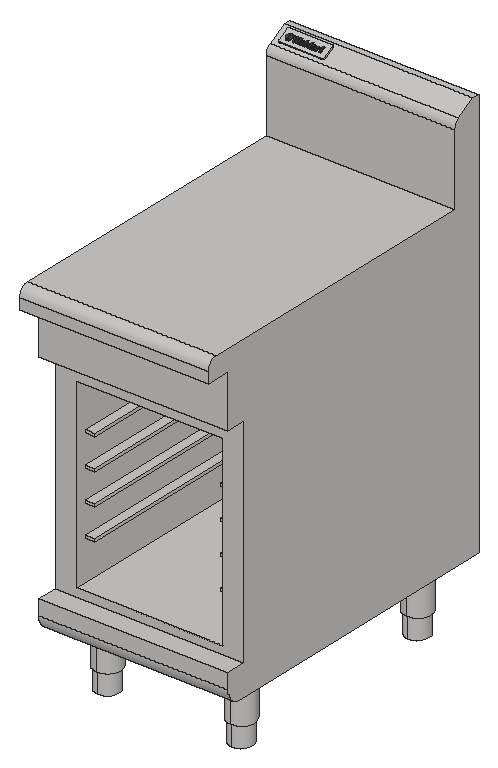
Revit family "QF_MOFFAT WALDORF_BT8450-CB", category Specialty Equipment, Revit 2012
Parameters
  Weight in Pounds = 114.6402  # constant formula
  Width [instance] = 450.00 mm  # constant formula
  URL Cutsheet = "www.moffat.com"
  URL = "www.moffat.com"
  Type Mark [instance] = ""
  Status [instance] = ""
  Specification by User [instance] = ""
  Specification by Manufacturer = ""
  Show Logo [instance] = yes
  Show Casters [instance] = no
  Serial Number = ""
  Seismic Rating = ""
  SMACNA No = ""
  Revision Code [instance] = ""
  Omniclass Number and Title = ""
  NAFEM Spec ID Number = ""
  Model = "BT8450-CB"
  Masterspec = ""
  Manufacturer = "MOFFAT WALDORF"
  Legs [instance] = not(Show Casters)  # yes
  Item Number [instance] = ""
  Installed By [instance] = ""
  Identify Quantity as Lot [instance] = yes
  Height = 1130.00 mm  # constant formula
  Furnished By [instance] = ""
  Foodservice Equipment Identifier [instance] = yes
  Description = "BENCH TOP ON CABINET BASE"
  Depth [instance] = 805.00 mm  # constant formula
  CSI MasterFormat = ""
  CSI Master Format = ""
  Back Splash [instance] = 57.00 mm  # constant formula
Reference planes
  plane 1 "BACK": y = 0
  plane 2: z = 0
  plane 3 "LEFT": x = 0
  plane 4 "RIGHT": x = 450
  plane 5 "FRONT": y = -805
  plane 6 "TOP": z = 1130
  plane 7 "Center Y": x = 225
  plane 8 "Center X": y = -402.5
  plane 9 "Base Height": z = 150
  plane 10: z = 915
  plane 11: x = 65
  plane 12: x = 384
  plane 13: y = -625
  plane 14: y = -100
Forms (mm)
  Extrusion 1, solid, material "QF_Finishes_Stainless Steel"
    sketch origin (0, 0, 0) x (0, 1, 0) y (0, 0, 1)
      loop
        line (-144, 222.5) -> (-749, 222.5) -> (-749, 188)
        arc (-749, 188) -> (-737.87, 161.13) -> (-711, 150) r 38
        line (-711, 150) -> (0, 150) -> (0, 1130) -> (-16.5, 1130) -> (-58, 1106.04)
        arc (-58, 1106.04) -> (-66.785, 1097.255) -> (-70, 1085.255) r 24
        line (-70, 1085.255) -> (-70, 915) -> (-781, 915)
        arc (-781, 915) -> (-797.971, 907.971) -> (-805, 891) r 24
        line (-805, 891) -> (-805, 866) -> (-749, 866) -> (-749, 740) -> (-144, 740) -> (-144, 222.5)
    from 0 to 450
  Revolve 2, solid, material "QF_Finishes_Stainless Steel", visible <- "Legs"
    sketch origin (65, -165, 0) x (0, 1, 0) y (0, 0, 1)
      loop
        line (33.25, 150) -> (33.25, 50) -> (37.5, 50) -> (37.5, 0) -> (65, 0) -> (65, 150) -> (33.25, 150)
      axis (65, 150) -> (65, 0)
    angle from 0 to 360
  Revolve 3, solid, material "QF_Finishes_Stainless Steel"
    sketch origin (65, -735, 0) x (0, 1, 0) y (0, 0, 1)
      loop
        line (78.25, 150) -> (78.25, 50) -> (82.5, 50) -> (82.5, 0) -> (110, 0) -> (110, 150) -> (78.25, 150)
      axis (110, 150) -> (110, 0)
    angle from 0 to 360
  Revolve 4, solid, material "QF_Finishes_Stainless Steel", visible <- "Legs"
    sketch origin (384, -165, 0) x (0, 1, 0) y (0, 0, -1)
      loop
        line (33.25, -150) -> (65, -150) -> (65, 0) -> (37.5, 0) -> (37.5, -50) -> (33.25, -50) -> (33.25, -150)
      axis (65, -150) -> (65, 0)
    angle from 0 to 360
  Revolve 5, solid, material "QF_Finishes_Stainless Steel"
    sketch origin (384, -735, 0) x (0, 1, 0) y (0, 0, -1)
      loop
        line (78.25, -150) -> (110, -150) -> (110, 0) -> (82.5, 0) -> (82.5, -50) -> (78.25, -50) -> (78.25, -150)
      axis (110, -150) -> (110, 0)
    angle from 0 to 360
  Extrusion 6, solid, material "QF_Finishes_Stainless Steel"
    sketch origin (0, -70, 1085.255) x (0, 0, -1) y (1, 0, 0)
      loop
        line (400.255, 400) -> (400.255, 50) -> (842.755, 50) -> (842.755, 400) -> (400.255, 400)
      loop
        line (345.255, 0) -> (862.755, 0) -> (862.755, 450) -> (345.255, 450) -> (345.255, 0)
    from 0 to 629
  Extrusion 7, solid, material "QF_Finishes_Stainless Steel"
    sketch origin (0, -70, 1085.255) x (0, 0, -1) y (1, 0, 0)
      loop
        line (596.505, 400) -> (590.155, 400) -> (590.155, 375) -> (596.505, 375) -> (596.505, 400)
      loop
        line (671.505, 400) -> (665.155, 400) -> (665.155, 375) -> (671.505, 375) -> (671.505, 400)
      loop
        line (671.505, 50) -> (671.505, 75) -> (665.155, 75) -> (665.155, 50) -> (671.505, 50)
      loop
        line (590.155, 75) -> (590.155, 50) -> (596.505, 50) -> (596.505, 75) -> (590.155, 75)
      loop
        line (746.505, 400) -> (740.155, 400) -> (740.155, 375) -> (746.505, 375) -> (746.505, 400)
      loop
        line (746.505, 50) -> (746.505, 75) -> (740.155, 75) -> (740.155, 50) -> (746.505, 50)
      loop
        line (521.505, 400) -> (515.155, 400) -> (515.155, 375) -> (521.505, 375) -> (521.505, 400)
      loop
        line (515.155, 75) -> (515.155, 50) -> (521.505, 50) -> (521.505, 75) -> (515.155, 75)
    from 74 to 604
  Extrusion 8, void
    sketch origin (0, 0, 223) x (1, 0, 0) y (0, 1, 0)
      loop
        line (374, -87) -> (374, 0) -> (244, 0) -> (244, -39) -> (294, -87) -> (374, -87)
    from 0 to 476
Cuts and joins
  Extrusion 8 cuts Extrusion 1
  Extrusion 8 cuts Extrusion 6
  joined: Extrusion 1, Extrusion 6
  Extrusion 8 cuts Revolve 4
Lines and regions (mm)
  symbolic lines
    curve 1: line (0, 0, 0) -> (0, -805, 0)
    curve 2: line (450, 0, 0) -> (0, 0, 0)
    curve 3: line (450, -805, 0) -> (450, 0, 0)
    curve 4: line (0, -70, 0) -> (450, -70, 0)
    curve 5: line (0, -805, 0) -> (450, -805, 0)
    curve 6: line (12.5, -20.958, 0) -> (121.5, -20.958, 0)
    curve 7: line (12.5, -51.234, 0) -> (12.5, -20.958, 0)
    curve 8: line (121.5, -20.958, 0) -> (121.5, -51.234, 0)
    curve 9: line (12.5, -51.234, 0) -> (121.5, -51.234, 0)
Dimensions and locks
  equal spacing: plane 3 "LEFT", plane 7 "Center Y", plane 4 "RIGHT"
  "Width": plane 3 "LEFT" to plane 4 "RIGHT"
  equal spacing: plane 5 "FRONT", plane 8 "Center X", plane 1 "BACK"
  "Depth": plane 5 "FRONT" to plane 1 "BACK"
  locked: plane 10 to level at 915
  locked: plane 9 "Base Height" to level at 150
  plane 6 "TOP" to nested 1 to nested 1 to plane 10 = 1.099 mm locked, 17.226 mm locked, 196.675 mm
  plane 13 to plane 14 = 525.00 mm
  plane 12 to plane 11 = 319.00 mm
  "Height": plane 6 "TOP" to level
  aligned and locked: level to plane 2
Automatic sketch dimensions
  Revolve 2 sketch curve to plane 9 "Base Height" = 0.00 mm
  Revolve 2 sketch curve to level = 0.00 mm
  level to Revolve 2 sketch curve = 50.00 mm
  plane 1 "BACK" to Revolve 2 sketch curve = 131.75 mm
  Revolve 2 sketch curve to Revolve 2 sketch curve = 4.25 mm
  Revolve 2 sketch curve to Revolve 2 sketch curve = 27.50 mm  (x2)
  Revolve 2 sketch curve to level = 55.00 mm
  Revolve 2 sketch curve to Revolve 2 sketch curve = 0.00 mm
  Revolve 3 sketch curve to plane 9 "Base Height" = 0.00 mm
  Revolve 3 sketch curve to level = 0.00 mm
  level to Revolve 3 sketch curve = 50.00 mm
  Revolve 3 sketch curve to plane 5 "FRONT" = 148.25 mm
  Revolve 3 sketch curve to Revolve 3 sketch curve = 4.25 mm
  Revolve 3 sketch curve to Revolve 3 sketch curve = 27.50 mm  (x2)
  Revolve 3 sketch curve to level = 55.00 mm
  Revolve 3 sketch curve to Revolve 3 sketch curve = 0.00 mm
  Revolve 4 sketch curve to plane 9 "Base Height" = 0.00 mm
  Revolve 4 sketch curve to level = 0.00 mm
  level to Revolve 4 sketch curve = 50.00 mm
  plane 1 "BACK" to Revolve 4 sketch curve = 131.75 mm
  Revolve 4 sketch curve to Revolve 4 sketch curve = 4.25 mm
  Revolve 4 sketch curve to Revolve 4 sketch curve = 27.50 mm  (x2)
  Revolve 4 sketch curve to Revolve 4 sketch curve = 0.00 mm
  Revolve 4 sketch curve to Revolve 4 sketch curve = 55.00 mm
  Revolve 5 sketch curve to plane 9 "Base Height" = 0.00 mm
  Revolve 5 sketch curve to level = 0.00 mm
  level to Revolve 5 sketch curve = 50.00 mm
  Revolve 5 sketch curve to plane 5 "FRONT" = 148.25 mm
  Revolve 5 sketch curve to Revolve 5 sketch curve = 4.25 mm
  Revolve 5 sketch curve to Revolve 5 sketch curve = 27.50 mm  (x2)
  Revolve 5 sketch curve to Revolve 5 sketch curve = 0.00 mm
  Revolve 5 sketch curve to Revolve 5 sketch curve = 55.00 mm
  Extrusion 1 sketch curve to plane 5 "FRONT" = 0.00 mm
  Extrusion 1 sketch curve to plane 10 = 0.00 mm
  Extrusion 1 sketch curve to plane 9 "Base Height" = 0.00 mm
  Extrusion 1 sketch curve to plane 6 "TOP" = 0.00 mm
  Extrusion 1 sketch curve to plane 1 "BACK" = 0.00 mm
  Extrusion 1 sketch curve to plane 5 "FRONT" = 24.00 mm
  Extrusion 1 sketch curve to plane 5 "FRONT" = 56.00 mm
  Extrusion 1 sketch curve to Extrusion 1 sketch curve = 32.00 mm
  Extrusion 1 sketch curve to Extrusion 1 sketch curve = 38.00 mm
  Extrusion 1 sketch curve to Extrusion 1 sketch curve = 12.00 mm  (x2)
  Extrusion 1 sketch curve to Extrusion 1 sketch curve = 16.50 mm
  Extrusion 1 sketch curve to Extrusion 1 sketch curve = 34.50 mm
  Extrusion 1 sketch curve to Extrusion 1 sketch curve = 151.00 mm
  Extrusion 1 sketch curve to Extrusion 1 sketch curve = 25.00 mm
  Extrusion 1 sketch curve to plane 6 "TOP" = 44.745 mm
  plane 14 to Extrusion 1 sketch curve = 30.00 mm
  Extrusion 7 sketch curve to plane 11 = 15.00 mm  (x4)
  Extrusion 7 sketch curve to plane 10 = 344.90 mm
  Extrusion 7 sketch curve to plane 12 = 16.00 mm  (x4)
  Extrusion 7 sketch curve to Extrusion 7 sketch curve = 0.00 mm
  Extrusion 7 sketch curve to Extrusion 7 sketch curve = 6.35 mm  (x8)
  plane 11 to Extrusion 7 sketch curve = 10.00 mm  (x4)
  Extrusion 7 sketch curve to Extrusion 7 sketch curve = 68.65 mm  (x6)
  plane 12 to Extrusion 7 sketch curve = 9.00 mm  (x4)
  plane 1 "BACK" to curve 1 = 0.00 mm
  curve 1 to plane 3 "LEFT" = 0.00 mm
  curve 3 to plane 4 "RIGHT" = 0.00 mm
  plane 5 "FRONT" to curve 5 = 0.00 mm
  plane 3 "LEFT" to curve 6 = 12.50 mm
  plane 11 to curve 9 = 56.50 mm
  plane 14 to curve 4 = 30.00 mm
  curve 4 to curve 7 = 18.766 mm
  plane 1 "BACK" to curve 6 = 20.958 mm
  plane 1 "BACK" to Extrusion 8 sketch curve = 0.00 mm
  plane 14 to Extrusion 8 sketch curve = 13.00 mm
  Extrusion 8 sketch curve to Extrusion 8 sketch curve = 50.00 mm
  plane 12 to Extrusion 8 sketch curve = 10.00 mm
  Extrusion 8 sketch curve to Extrusion 8 sketch curve = 39.00 mm
  plane 7 "Center Y" to Extrusion 8 sketch curve = 19.00 mm
  Extrusion 1 sketch curve to plane 14 = 44.00 mm
  plane 4 "RIGHT" to Extrusion 6 sketch curve = 0.00 mm
  Extrusion 6 sketch curve to plane 3 "LEFT" = 0.00 mm
  Extrusion 6 sketch curve to plane 10 = 175.00 mm
  Extrusion 6 sketch curve to plane 11 = 15.00 mm
  Extrusion 6 sketch curve to Extrusion 6 sketch curve = 55.00 mm
  plane 9 "Base Height" to Extrusion 6 sketch curve = 92.50 mm
  Extrusion 6 sketch curve to Extrusion 6 sketch curve = 20.00 mm
  Extrusion 6 sketch curve to plane 12 = 16.00 mm
Nested families
  nested 1: "WALDORF-LOGO" at (12.5, -35.273, 1102.604), visible <- "Show Logo", type "WALDORF-LOGO", detail levels medium+fine
    with Type Mark "", Status "", Specification by User "", Revision Code "", Item Number "", Installed By "", Identify Quantity as Lot yes, Furnished By "", Foodservice Equipment Identifier yes
  nested 2: "BT8450-CB-CASTERS" at (65, -100, 0), Show Casters <- "Show Casters", visible <- "Show Casters", type "BT8450-CB-CASTERS"
    with Type Mark "", Status "", Specification by User "", Show Casters no, Revision Code "", Item Number "", Installed By "", Identify Quantity as Lot yes, Furnished By "", Foodservice Equipment Identifier yes
  nested 3: "BT8450-CB-CASTERS" at (385, -100, 0), Show Casters <- "Show Casters", visible <- "Show Casters", type "BT8450-CB-CASTERS"
    with Type Mark "", Status "", Specification by User "", Show Casters no, Revision Code "", Item Number "", Installed By "", Identify Quantity as Lot yes, Furnished By "", Foodservice Equipment Identifier yes
Definition of nested family "WALDORF-LOGO"
  Parameters (values of type "BT8300-CB-LOGO")
    Weight in Pounds = 0
    URL Cutsheet = ""
    Type Mark [instance] = ""
    Status [instance] = ""
    Specification by User [instance] = ""
    Specification by Manufacturer = ""
    Show Logo [instance] = yes
    Serial Number = ""
    Seismic Rating = ""
    SMACNA No = ""
    Revision Code [instance] = ""
    Omniclass Number and Title = ""
    NAFEM Spec ID Number = ""
    Masterspec = ""
    Item Number [instance] = ""
    Installed By [instance] = ""
    Identify Quantity as Lot [instance] = yes
    Furnished By [instance] = ""
    Foodservice Equipment Identifier [instance] = yes
    CSI MasterFormat = ""
    CSI Master Format = ""
  Reference planes
    plane 1 "BACK": y = 0
    plane 2: z = 0
    plane 3 "LEFT": x = 0
    plane 4 "RIGHT": x = 109
    plane 5 "FRONT": y = -1.588
    plane 6 "TOP": z = 34.14
    plane 7 "Center Y": x = 54.5
    plane 8 "Center X": y = -0.794
  Forms (mm)
    Extrusion 1, solid, material "QF_Finishes_Stainless Steel", visible <- "Show Logo"
      sketch origin (0, -15.16, 7.701) x (1, 0, 0) y (0, 0.863373, 0.504566)
        loop
          arc (5, 34.14) -> (1.464, 32.676) -> (0, 29.14) r 5
          line (0, 29.14) -> (0, 5)
          arc (0, 5) -> (1.464, 1.464) -> (5, 0) r 5
          line (5, 0) -> (104, 0)
          arc (104, 0) -> (107.536, 1.464) -> (109, 5) r 5
          line (109, 5) -> (109, 29.14)
          arc (109, 29.14) -> (107.536, 32.676) -> (104, 34.14) r 5
          line (104, 34.14) -> (5, 34.14)
      from 0 to 1.588
    Extrusion 2, solid, material "QF_Finishes_Black", visible <- "Show Logo"
      sketch origin (0, -15.961, 9.072) x (1, 0, 0) y (0, 0.863373, 0.504566)
        loop
          line (24.772, 23.214) -> (27.992, 10.301) -> (31.551, 10.301) -> (33.443, 17.364) -> (35.205, 10.301) -> (39.332, 10.301) -> (42.077, 23.214) -> (38.352, 23.214) -> (36.676, 15.33) -> (35, 23.214) -> (31.752, 23.214) -> (30.076, 15.33) -> (28.4, 23.214) -> (24.772, 23.214)
        loop
          line (42.272, 17.055) -> (45.703, 17.055)
          spline (45.703, 17.055) -> (45.741, 17.285) -> (45.852, 17.499) -> (46.028, 17.682) -> (46.258, 17.823) -> (46.526, 17.912) -> (46.813, 17.942) -> (47.1, 17.912) -> (47.368, 17.823) -> (47.597, 17.682) -> (47.774, 17.499) -> (47.884, 17.285) -> (47.922, 17.055)
          line (47.922, 17.055) -> (47.922, 16.222)
          arc (47.922, 16.222) -> (45.742, 16.014) -> (43.665, 15.317) r 9.604
          arc (43.665, 15.317) -> (41.924, 12.809) -> (43.665, 10.301) r 2.677
          arc (43.665, 10.301) -> (45.527, 10.353) -> (47.332, 10.816) r 8.365
          line (47.332, 10.816) -> (48.092, 11.105) -> (48.092, 10.301) -> (51.817, 10.301) -> (51.817, 17.055)
          spline (51.817, 17.055) -> (51.654, 17.821) -> (51.178, 18.535) -> (50.419, 19.148) -> (49.431, 19.619) -> (48.28, 19.914) -> (47.044, 20.015) -> (45.809, 19.914) -> (44.658, 19.619) -> (43.67, 19.148) -> (42.911, 18.535) -> (42.434, 17.821) -> (42.272, 17.055)
        loop
          line (53.151, 23.214) -> (53.151, 10.301) -> (57.37, 10.301) -> (57.37, 23.214) -> (53.151, 23.214)
        loop
          line (64.874, 23.214) -> (64.874, 18.857)
          arc (64.874, 18.857) -> (58.083, 15.11) -> (64.874, 11.363) r 4.429
          line (64.874, 11.363) -> (64.874, 10.301) -> (68.378, 10.301) -> (68.378, 23.214) -> (64.874, 23.214)
        loop
          arc (64.874, 16.083) -> (61.41, 14.987) -> (64.874, 13.891) r 1.905
          line (64.874, 13.891) -> (64.874, 16.083)
        loop
          circle (74.623, 15.223) r 5
        loop
          spline (74.623, 17.856) -> (74.355, 17.766) -> (74.105, 17.503) -> (73.891, 17.084) -> (73.726, 16.539) -> (73.623, 15.904) -> (73.588, 15.223) -> (73.623, 14.541) -> (73.726, 13.906) -> (73.891, 13.361) -> (74.105, 12.942) -> (74.355, 12.679) -> (74.623, 12.59)
          spline (74.623, 12.59) -> (74.891, 12.679) -> (75.141, 12.942) -> (75.355, 13.361) -> (75.52, 13.906) -> (75.623, 14.541) -> (75.659, 15.223) -> (75.623, 15.904) -> (75.52, 16.539) -> (75.355, 17.084) -> (75.141, 17.503) -> (74.891, 17.766) -> (74.623, 17.856)
        loop
          line (81.255, 19.813) -> (81.255, 10.301) -> (84.834, 10.301) -> (84.834, 14.176)
          arc (84.834, 14.176) -> (85.854, 16.093) -> (88.013, 16.32) r 2.313
          line (88.013, 16.32) -> (88.013, 19.813) -> (87.161, 19.813)
          arc (87.161, 19.813) -> (85.526, 19.266) -> (84.549, 17.844) r 2.717
          line (84.549, 17.844) -> (84.549, 19.813) -> (81.255, 19.813)
        loop
          line (90.249, 19.813) -> (88.91, 19.813) -> (88.91, 17.614) -> (90.249, 17.614) -> (90.249, 10.301) -> (93.998, 10.301) -> (93.998, 17.614) -> (95.418, 17.614) -> (95.418, 19.813) -> (93.998, 19.813)
          arc (93.998, 19.813) -> (94.414, 20.817) -> (95.418, 21.233) r 1.42
          line (95.418, 21.233) -> (95.418, 23.602) -> (93.317, 23.602)
          arc (93.317, 23.602) -> (91.343, 22.903) -> (90.249, 21.118) r 3.137
          line (90.249, 21.118) -> (90.249, 19.813)
        loop
          arc (15.241, 23.571) -> (8.392, 16.525) -> (15.241, 9.479) r 7.049
          line (15.241, 9.479) -> (15.241, 23.571)
        loop
          line (15.641, 23.571) -> (15.641, 9.479)
          arc (15.641, 9.479) -> (22.49, 16.525) -> (15.641, 23.571) r 7.049
        loop
          arc (47.922, 14.711) -> (46.266, 13.749) -> (47.922, 12.787) r 1.107
          line (47.922, 12.787) -> (47.922, 14.711)
      from 0 to 0.2
  Dimensions and locks
    equal spacing: plane 3 "LEFT", plane 7 "Center Y", plane 4 "RIGHT"
    plane 3 "LEFT" to plane 4 "RIGHT" = 109.00 mm
    equal spacing: plane 5 "FRONT", plane 8 "Center X", plane 1 "BACK"
    plane 5 "FRONT" to plane 1 "BACK" = 1.588 mm
    aligned and locked: level to plane 2
  Automatic sketch dimensions
    Extrusion 1 sketch curve to plane 3 "LEFT" = 0.00 mm
    Extrusion 1 sketch curve to plane 4 "RIGHT" = 0.00 mm
    plane 3 "LEFT" to Extrusion 1 sketch curve = 5.00 mm  (x2)
    plane 4 "RIGHT" to Extrusion 1 sketch curve = 5.00 mm  (x2)
    Extrusion 1 sketch curve to Extrusion 1 sketch curve = 24.14 mm
    Extrusion 2 sketch curve to Extrusion 2 sketch curve = 0.00 mm  (x14)
    Extrusion 2 sketch curve to Extrusion 1 = 15.241 mm
    Extrusion 2 sketch curve to Extrusion 2 sketch curve = 0.20 mm
    Extrusion 2 sketch curve to Extrusion 2 sketch curve = 0.40 mm
    Extrusion 2 sketch curve to Extrusion 2 sketch curve = 9.131 mm
    Extrusion 2 sketch curve to Extrusion 1 = 10.301 mm  (x2)
    Extrusion 2 sketch curve to Extrusion 2 sketch curve = 12.351 mm
    Extrusion 2 sketch curve to Extrusion 2 sketch curve = 3.628 mm
    Extrusion 2 sketch curve to Extrusion 2 sketch curve = 2.084 mm
    Extrusion 2 sketch curve to Extrusion 2 sketch curve = 3.559 mm
    Extrusion 2 sketch curve to Extrusion 1 = 10.926 mm  (x2)
    Extrusion 2 sketch curve to Extrusion 2 sketch curve = 3.352 mm  (x2)
    Extrusion 2 sketch curve to Extrusion 2 sketch curve = 3.367 mm
    Extrusion 2 sketch curve to Extrusion 2 sketch curve = 3.249 mm
    Extrusion 2 sketch curve to Extrusion 2 sketch curve = 3.654 mm
    Extrusion 2 sketch curve to Extrusion 1 = 15.33 mm
    Extrusion 2 sketch curve to Extrusion 2 sketch curve = 3.233 mm
    Extrusion 2 sketch curve to Extrusion 2 sketch curve = 4.128 mm
    Extrusion 2 sketch curve to Extrusion 2 sketch curve = 3.725 mm
    Extrusion 2 sketch curve to Extrusion 2 sketch curve = 5.596 mm
    Extrusion 2 sketch curve to Extrusion 2 sketch curve = 4.333 mm
    Extrusion 2 sketch curve to Extrusion 2 sketch curve = 1.394 mm
    Extrusion 2 sketch curve to Extrusion 2 sketch curve = 2.092 mm
    Extrusion 2 sketch curve to Extrusion 2 sketch curve = 0.936 mm
    Extrusion 2 sketch curve to Extrusion 2 sketch curve = 1.34 mm
    Extrusion 2 sketch curve to Extrusion 2 sketch curve = 1.109 mm
    Extrusion 2 sketch curve to Extrusion 2 sketch curve = 0.232 mm
    Extrusion 2 sketch curve to Extrusion 2 sketch curve = 2.731 mm
    Extrusion 2 sketch curve to Extrusion 2 sketch curve = 0.549 mm  (x2)
    Extrusion 2 sketch curve to Extrusion 2 sketch curve = 0.407 mm
    Extrusion 2 sketch curve to Extrusion 2 sketch curve = 0.76 mm
    Extrusion 2 sketch curve to Extrusion 2 sketch curve = 1.334 mm
    Extrusion 2 sketch curve to Extrusion 2 sketch curve = 4.219 mm
    Extrusion 2 sketch curve to Extrusion 2 sketch curve = 5.142 mm
    Extrusion 2 sketch curve to Extrusion 2 sketch curve = 0.803 mm
    Extrusion 2 sketch curve to Extrusion 2 sketch curve = 1.558 mm
    Extrusion 2 sketch curve to Extrusion 2 sketch curve = 3.504 mm
    Extrusion 2 sketch curve to Extrusion 2 sketch curve = 6.245 mm
    Extrusion 2 sketch curve to Extrusion 2 sketch curve = 6.632 mm
    Extrusion 2 sketch curve to Extrusion 2 sketch curve = 3.294 mm
    Extrusion 2 sketch curve to Extrusion 2 sketch curve = 3.579 mm
    Extrusion 2 sketch curve to Extrusion 2 sketch curve = 2.313 mm
    Extrusion 2 sketch curve to Extrusion 2 sketch curve = 2.612 mm
    Extrusion 2 sketch curve to Extrusion 2 sketch curve = 0.852 mm
    Extrusion 2 sketch curve to Extrusion 2 sketch curve = 0.897 mm
    Extrusion 2 sketch curve to Extrusion 2 sketch curve = 3.102 mm
    Extrusion 2 sketch curve to Extrusion 2 sketch curve = 1.338 mm
    Extrusion 2 sketch curve to Extrusion 2 sketch curve = 3.068 mm
    Extrusion 2 sketch curve to Extrusion 2 sketch curve = 0.681 mm
    Extrusion 2 sketch curve to Extrusion 2 sketch curve = 3.749 mm
    Extrusion 2 sketch curve to Extrusion 2 sketch curve = 1.42 mm
    Extrusion 2 sketch curve to Extrusion 2 sketch curve = 5.029 mm  (x2)
    Extrusion 2 sketch curve to Extrusion 1 = 9.479 mm
    Extrusion 2 sketch curve to Extrusion 2 sketch curve = 3.681 mm
    Extrusion 2 sketch curve to Extrusion 2 sketch curve = 0.515 mm
    Extrusion 2 sketch curve to Extrusion 2 sketch curve = 0.804 mm
    Extrusion 2 sketch curve to Extrusion 2 sketch curve = 1.062 mm
    Extrusion 2 sketch curve to Extrusion 2 sketch curve = 1.682 mm
    Extrusion 2 sketch curve to Extrusion 2 sketch curve = 2.508 mm
    Extrusion 2 sketch curve to Extrusion 2 sketch curve = 0.962 mm
    Extrusion 2 sketch curve to Extrusion 2 sketch curve = 2.528 mm
    Extrusion 2 sketch curve to Extrusion 2 sketch curve = 3.875 mm
    Extrusion 2 sketch curve to Extrusion 2 sketch curve = 1.096 mm
    Extrusion 2 sketch curve to Extrusion 2 sketch curve = 0.123 mm
    Extrusion 2 sketch curve to Extrusion 2 sketch curve = 4.922 mm
    Extrusion 2 sketch curve to Extrusion 2 sketch curve = 7.046 mm
    Extrusion 2 sketch curve to Extrusion 2 sketch curve = 0.833 mm
    Extrusion 2 sketch curve to Extrusion 2 sketch curve = 0.776 mm
    Extrusion 2 sketch curve to Extrusion 2 sketch curve = 2.034 mm
    Extrusion 2 sketch curve to Extrusion 2 sketch curve = 7.314 mm
    Extrusion 2 sketch curve to Extrusion 2 sketch curve = 1.295 mm
    Extrusion 2 sketch curve to Extrusion 2 sketch curve = 0.749 mm
    Extrusion 2 sketch curve to Extrusion 2 sketch curve = 2.633 mm
    Extrusion 2 sketch curve to Extrusion 2 sketch curve = 2.198 mm  (x2)
    Extrusion 2 sketch curve to Extrusion 2 sketch curve = 1.968 mm
    Extrusion 2 sketch curve to Extrusion 2 sketch curve = 0.653 mm
    Extrusion 2 sketch curve to Extrusion 2 sketch curve = 1.305 mm
    Extrusion 2 sketch curve to Extrusion 2 sketch curve = 4.357 mm
    Extrusion 2 sketch curve to Extrusion 2 sketch curve = 6.159 mm
    radius of Extrusion 2 sketch curve = 5.00 mm
Definition of nested family "BT8450-CB-CASTERS"
  Parameters (values of type "BTL8450-CB-CASTERS")
    Weight = ""
    URL Manufacturer = ""
    URL Cutsheet = ""
    URL = ""
    Type Mark [instance] = ""
    Status [instance] = ""
    Specification by User [instance] = ""
    Specification by Manufacturer = ""
    Show Casters [instance] = no
    Serial Number = ""
    Seismic Rating = ""
    SMACNA No = ""
    Revision Code [instance] = ""
    Omniclass Number and Title = ""
    NAFEM Spec ID Number = ""
    Model = ""
    MasterSpec. = ""
    Manufacturer = ""
    Item Number [instance] = ""
    Installed By [instance] = ""
    Identify Quantity as Lot [instance] = yes
    Furnished By [instance] = ""
    Foodservice Equipment Identifier [instance] = yes
    Description = ""
    CSI MasterFormat = ""
    CSI Master Format = ""
    Assembly Code = ""
  Reference planes
    plane 1: z = 0
    plane 2 "RIGHT": x = 0
    plane 3 "FRONT": y = 0
    plane 4 "TOP": z = 150
  Forms (mm)
    Revolve 1, solid, material "QF_Finishes_Stainless Steel", visible <- "Show Casters"
      sketch origin (0, 56.335, 0) x (0, 1, 0) y (0, 0, 1)
        loop
          line (-56.335, 150) -> (-56.335, 141.118) -> (-23.798, 141.118) -> (-23.798, 150) -> (-56.335, 150)
        axis (-56.335, 141.118) -> (-56.335, 150)
      angle from 0 to 360
    Extrusion 2, solid, material "QF_Finishes_Stainless Steel", visible <- "Show Casters"
      sketch origin (-46.049, 56.335, 0) x (0, 1, 0) y (0, 0, 1)
        loop
          line (-85.799, 141.118) -> (-85.799, 133.498) -> (-82.136, 133.498)
          arc (-82.136, 133.498) -> (-79.344, 132.328) -> (-77.146, 130.248) r 8.432
          line (-77.146, 130.248) -> (-39.502, 49.52)
          arc (-39.502, 49.52) -> (-13.784, 46.107) -> (-5.673, 70.75) r 20.32
          arc (-5.673, 70.75) -> (-7.065, 73.611) -> (-8.887, 76.22) r 20.32
          arc (-8.887, 76.22) -> (-9.399, 85.377) -> (-6.626, 94.119) r 25.4
          line (-6.626, 94.119) -> (8.003, 121.632)
          arc (8.003, 121.632) -> (-2.347, 126.31) -> (-13.34, 129.167) r 66.802
          line (-13.34, 129.167) -> (-13.765, 133.498) -> (-26.871, 133.498) -> (-26.871, 141.118) -> (-85.799, 141.118)
      from 20.058 to 22.923
    Extrusion 3, solid, material "QF_Finishes_Stainless Steel", visible <- "Show Casters"
      sketch origin (3.326, 56.335, 0) x (0, 1, 0) y (0, 0, 1)
        loop
          line (-85.799, 141.118) -> (-85.799, 133.498) -> (-82.136, 133.498)
          arc (-82.136, 133.498) -> (-79.344, 132.328) -> (-77.146, 130.248) r 8.432
          line (-77.146, 130.248) -> (-39.502, 49.52)
          arc (-39.502, 49.52) -> (-13.784, 46.107) -> (-5.673, 70.75) r 20.32
          arc (-5.673, 70.75) -> (-7.065, 73.611) -> (-8.887, 76.22) r 20.32
          arc (-8.887, 76.22) -> (-9.399, 85.377) -> (-6.626, 94.119) r 25.4
          line (-6.626, 94.119) -> (8.003, 121.632)
          arc (8.003, 121.632) -> (-2.347, 126.31) -> (-13.34, 129.167) r 66.802
          line (-13.34, 129.167) -> (-13.765, 133.498) -> (-26.871, 133.498) -> (-26.871, 141.118) -> (-85.799, 141.118)
      from 20.058 to 22.923
    Extrusion 4, solid, material "QF_Finishes_Stainless Steel", visible <- "Show Casters"
      sketch origin (-49.224, 56.335, 0) x (0, 1, 0) y (0, 0, 1)
        loop
          line (-85.799, 141.118) -> (-85.799, 133.498) -> (-82.136, 133.498) -> (-18.877, 127.964) -> (7.14, 120.01) -> (8.003, 121.632)
          arc (8.003, 121.632) -> (-2.347, 126.31) -> (-13.34, 129.167) r 66.802
          line (-13.34, 129.167) -> (-13.765, 133.498) -> (-26.871, 133.498) -> (-26.871, 141.118) -> (-85.799, 141.118)
      from 26.098 to 72.56
    Revolve 5, solid, material "QF_Finishes_Stainless Steel", visible <- "Show Casters"
      sketch origin (-49.224, 30.821, 0) x (1, 0, 0) y (0, 0, 1)
        loop
          line (14.841, 63.604) -> (83.584, 63.604) -> (83.584, 67.109) -> (82.314, 68.379) -> (80.79, 68.379) -> (80.79, 71.826) -> (68.644, 71.826) -> (68.644, 81.79) -> (65.088, 83.843) -> (61.683, 104.879) -> (65.881, 104.879) -> (65.881, 111.229) -> (65.088, 111.229) -> (65.088, 117.579)
          arc (65.088, 117.579) -> (62.298, 124.314) -> (55.563, 127.104) r 9.525
          line (55.563, 127.104) -> (42.863, 127.104)
          arc (42.863, 127.104) -> (36.127, 124.314) -> (33.338, 117.579) r 9.525
          line (33.338, 117.579) -> (33.338, 111.229) -> (32.544, 111.229) -> (32.544, 104.879) -> (36.742, 104.879) -> (33.352, 83.932) -> (29.782, 81.871) -> (29.782, 71.826) -> (17.635, 71.826) -> (17.635, 68.379) -> (16.111, 68.379) -> (14.841, 67.109) -> (14.841, 63.604)
        axis (14.841, 63.604) -> (83.584, 63.604)
      angle from 0 to 360
  Cuts and joins
    joined: Extrusion 2, Extrusion 3, Extrusion 4
  Lines and regions (mm)
    symbolic lines, style "SpecialityEquipmentHiddenLines", visible <- "Show Casters"
      curve 1: line (18.009, 67.053, 0) -> (45.595, 51.127, 0)
      curve 2: line (-45.491, -42.932, 0) -> (18.009, 67.053, 0)
      curve 3: line (-17.905, -58.859, 0) -> (-45.491, -42.932, 0)
      curve 4: line (45.595, 51.127, 0) -> (-17.905, -58.859, 0)
  Dimensions and locks
    plane 4 "TOP" to level = 150.00 mm  (x2)
    Revolve 5 sketch curve to Revolve 5 sketch curve = 63.50 mm
    aligned and locked: level to plane 1
